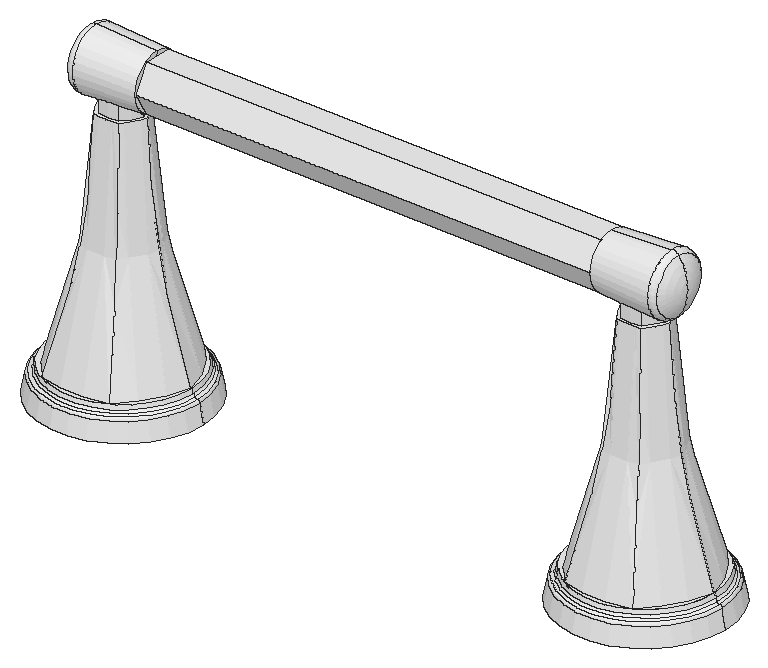
Revit family "Tissue_Holder-DXV-Fitzgerald-D35160230_Series", category Specialty Equipment, host Face, Revit 2014
Parameters (values of type "D35160230.100")
  Width = 6 1/2"  # constant formula
  Warranty Information = "Lifetime Limited Warranty"
  URL = "http://www.dxv.com/"
  Type Comments = ""
  Product Page URL = "https://www.dxv.com/product/fitzgerald-toilet-paper-holder-"
  Product Documentation Link = "https://dxv01.blob.core.windows.net/dxv-product-pdf-files/spec_D35160230_DXV_Fitzgerald_tissueholder_EN.pdf"
  Price = "Prices may vary. Please consult Manufacturer Representative for most up-to-date price list."  # constant formula
  Model = "D35160230.100"
  Material = "Metal-DXV-100-Polished Chrome"
  Finish = Metal-DXV-100-Polished Chrome
  Manufacturer = "DVX"
  Length = 4"  # constant formula
  Installation Type = "Wall Mounted"
  Height = 2"  # constant formula
  Description = "Fitzgerald Toilet Paper Holder"  # constant formula
  Default Elevation = 18"
  Creation Date = "10/25/2018"  # constant formula
  Assembly Code = "C1030220"
Types (4): name | Model | Material | Finish
  (no name) | "D35160230.100" | "Metal-DXV-100-Polished Chrome" | Metal-DXV-100-Polished Chrome
  D35160230.144 | "D35160230.144" | "Metal-DXV-144-Brushed Nickel" | Metal-DXV-144-Brushed Nickel
  D35160230.100 | "D35160230.100" | "Metal-DXV-100-Polished Chrome" | Metal-DXV-100-Polished Chrome
  D35160230.150 | "D35160230.150" | "Metal-DXV-150-Platinum Nickel" | Metal-DXV-150-Platinum Nickel
Reference planes (in)
  plane 1 "Center (Front/Back)": y = 0
  plane 2: z = 0
  plane 3 "Center (Left/Right)": x = 0
  plane 4: y = -1
  plane 5: y = 1
  plane 6: z = 4
  plane 7: z = 3.625
  plane 8: x = -3.25
  plane 9: x = 3.25
  plane 10: x = 2.25
  plane 11: x = 4.25
  plane 12: x = -2.25
  plane 13: x = -4.25
Forms (in)
  Revolve 1, solid, material "Metal-DXV-100-Polished Chrome" <- "Finish"
    sketch origin (0, 0, 0) x (1, 0, 0) y (0, 0, 1)
      loop
        line (3.25, 0) -> (4.25, 0) -> (4.20301, 0.22105)
        arc (4.20301, 0.22105) -> (4.19389, 0.24154) -> (4.17723, 0.25654) r 0.05392
        line (4.17723, 0.25654) -> (4.14228, 0.27672)
        arc (4.14228, 0.27672) -> (4.12834, 0.28895) -> (4.12013, 0.30558) r 0.04754
        line (4.12013, 0.30558) -> (4.10658, 0.35617) -> (3.25, 0.35617) -> (3.25, 0)
      axis (3.25, 0.35617) -> (3.25, 0)
    angle from 0 to 360
  Revolve 2, solid, material "Metal-DXV-100-Polished Chrome" <- "Finish"
    sketch origin (0, 0, 0) x (-1, 0, 0) y (0, 0, 1)
      loop
        line (3.25, 0) -> (4.25, 0) -> (4.20301, 0.22105)
        arc (4.20301, 0.22105) -> (4.19389, 0.24154) -> (4.17723, 0.25654) r 0.05392
        line (4.17723, 0.25654) -> (4.14228, 0.27672)
        arc (4.14228, 0.27672) -> (4.12834, 0.28895) -> (4.12013, 0.30558) r 0.04754
        line (4.12013, 0.30558) -> (4.10658, 0.35617) -> (3.25, 0.35617) -> (3.25, 0)
      axis (3.25, 0.35617) -> (3.25, 0)
    angle from 0 to 360
  Sweep 3, solid, material "Metal-DXV-100-Polished Chrome" <- "Finish"
    path origin (0, 0, 0) x (-1, 0, 0) y (0, 1, 0)
      loop
        arc (-4.09664, 0) -> (-3.94098, -0.39894) -> (-3.67332, -0.73322) r 1.41797
        arc (-3.67332, -0.73322) -> (-3.25, -0.79788) -> (-2.82668, -0.73322) r 1.41797
        arc (-2.82668, -0.73322) -> (-2.55902, -0.39894) -> (-2.40336, 0) r 1.41797
        arc (-2.40336, 0) -> (-2.55902, 0.39894) -> (-2.82668, 0.73322) r 1.41797
        arc (-2.82668, 0.73322) -> (-3.25, 0.79788) -> (-3.67332, 0.73322) r 1.41797
        arc (-3.67332, 0.73322) -> (-3.94099, 0.39894) -> (-4.09664, 0) r 1.41782
    profile origin (3.25, 0.79788, 0) x (0, -1, 0) y (0, 0, 1)
      loop
        arc (0.52248, 3.17377) -> (0.38127, 1.74271) -> (0, 0.35617) r 8.46977
        line (0, 0.35617) -> (0.36793, 0.35617) -> (0.67386, 1.79542) -> (0.67386, 3.625) -> (0.56859, 3.625) -> (0.56859, 3.17377) -> (0.52248, 3.17377)
  Revolve 4, solid, material "Metal-DXV-100-Polished Chrome" <- "Finish"
    sketch origin (0, 0, 0) x (1, 0, 0) y (0, 0, 1)
      loop
        line (2.82991, 3.625) -> (3.77535, 3.625)
        arc (3.77535, 3.625) -> (3.74684, 3.80306) -> (3.66416, 3.96332) r 0.57028
        arc (3.66416, 3.96332) -> (3.62743, 3.99355) -> (3.58076, 4.00275) r 0.09727
        line (3.58076, 4.00275) -> (2.82991, 3.9634) -> (2.82991, 3.625)
      loop
        line (-2.82991, 3.625) -> (-2.82991, 3.9634) -> (-3.58076, 4.00275)
        arc (-3.58076, 4.00275) -> (-3.62743, 3.99355) -> (-3.66416, 3.96332) r 0.09727
        arc (-3.66416, 3.96332) -> (-3.74684, 3.80306) -> (-3.77535, 3.625) r 0.57028
        line (-3.77535, 3.625) -> (-2.82991, 3.625)
      axis (3.77535, 3.625) -> (-3.77535, 3.625)
    angle from 0 to 360
  Sweep 5, solid, material "Metal-DXV-100-Polished Chrome" <- "Finish"
    path origin (0, 0, 0) x (1, 0, 0) y (0, 1, 0)
      loop
        arc (-4.09664, 0) -> (-3.94098, -0.39894) -> (-3.67332, -0.73322) r 1.41797
        arc (-3.67332, -0.73322) -> (-3.25, -0.79788) -> (-2.82668, -0.73322) r 1.41797
        arc (-2.82668, -0.73322) -> (-2.55902, -0.39894) -> (-2.40336, 0) r 1.41797
        arc (-2.40336, 0) -> (-2.55902, 0.39894) -> (-2.82668, 0.73322) r 1.41797
        arc (-2.82668, 0.73322) -> (-3.25, 0.79788) -> (-3.67332, 0.73322) r 1.41797
        arc (-3.67332, 0.73322) -> (-3.94099, 0.39894) -> (-4.09664, 0) r 1.41782
    profile origin (-3.25, 0.79788, 0) x (0, 1, 0) y (0, 0, 1)
      loop
        line (-0.52248, 3.17377) -> (-0.56859, 3.17377) -> (-0.56859, 3.625) -> (-0.67386, 3.625) -> (-0.67386, 1.79542) -> (-0.36793, 0.35617) -> (0, 0.35617)
        arc (0, 0.35617) -> (-0.38127, 1.74271) -> (-0.52248, 3.17377) r 8.46977
  Extrusion 6, solid, material "Metal-DXV-100-Polished Chrome" <- "Finish"
    sketch origin (0, 0, 0) x (0, 1, 0) y (0, 0, 1)
      loop
        line (0.33599, 3.625) -> (0.16799, 3.91597) -> (-0.16799, 3.91597) -> (-0.33599, 3.625) -> (-0.16799, 3.33403) -> (0.16799, 3.33403) -> (0.33599, 3.625)
    from -2.82991 to 2.82991
Cuts and joins
  joined: Revolve 1, Revolve 2, Sweep 3, Revolve 4, Sweep 5
Lines and regions (in)
  Masking region 1
    outline origin (0, 0, 0) x (1, 0, 0) y (0, 0, 1)
      loop
        line (2.25, 0) -> (4.25, 0) -> (4.2039, 0.21687)
        arc (4.2039, 0.21687) -> (4.1935, 0.24023) -> (4.17451, 0.25733) r 0.06148
        line (4.17451, 0.25733) -> (4.13893, 0.27787) -> (4.13023, 0.35617) -> (4.09664, 0.35617)
        arc (4.09664, 0.35617) -> (3.70692, 1.74222) -> (3.55309, 3.17377) r 8.62888
        line (3.55309, 3.17377) -> (3.50376, 3.17377) -> (3.50376, 3.25448) -> (3.57917, 3.24655)
        arc (3.57917, 3.24655) -> (3.62791, 3.25436) -> (3.66611, 3.28562) r 0.09475
        arc (3.66611, 3.28562) -> (3.77497, 3.61288) -> (3.67981, 3.94438) r 0.58293
        arc (3.67981, 3.94438) -> (3.62775, 3.98977) -> (3.55967, 4.0014) r 0.12766
        line (3.55967, 4.0014) -> (2.82991, 3.9634) -> (2.82991, 3.91597) -> (-2.82991, 3.91597) -> (-2.82991, 3.9634) -> (-3.55967, 4.0014)
        arc (-3.55967, 4.0014) -> (-3.62775, 3.98977) -> (-3.67981, 3.94438) r 0.12766
        arc (-3.67981, 3.94438) -> (-3.77497, 3.61288) -> (-3.66611, 3.28562) r 0.58293
        arc (-3.66611, 3.28562) -> (-3.62791, 3.25436) -> (-3.57917, 3.24655) r 0.09475
        line (-3.57917, 3.24655) -> (-3.50376, 3.25448) -> (-3.50376, 3.17377) -> (-3.55309, 3.17377)
        arc (-3.55309, 3.17377) -> (-3.70692, 1.74222) -> (-4.09664, 0.35617) r 8.62888
        line (-4.09664, 0.35617) -> (-4.13023, 0.35617) -> (-4.13893, 0.27787) -> (-4.17451, 0.25733)
        arc (-4.17451, 0.25733) -> (-4.1935, 0.24023) -> (-4.2039, 0.21687) r 0.06148
        line (-4.2039, 0.21687) -> (-4.25, 0) -> (-2.25, 0) -> (-2.2961, 0.21687)
        arc (-2.2961, 0.21687) -> (-2.3065, 0.24023) -> (-2.32549, 0.25733) r 0.06148
        line (-2.32549, 0.25733) -> (-2.36107, 0.27787) -> (-2.36977, 0.35617) -> (-2.40336, 0.35617)
        arc (-2.40336, 0.35617) -> (-2.79308, 1.74222) -> (-2.94691, 3.17377) r 8.62888
        line (-2.94691, 3.17377) -> (-2.99624, 3.17377) -> (-2.99624, 3.27779) -> (-2.82991, 3.2866) -> (-2.82991, 3.33403) -> (2.82991, 3.33403) -> (2.82991, 3.2866) -> (2.99624, 3.27779) -> (2.99624, 3.17377) -> (2.94691, 3.17377)
        arc (2.94691, 3.17377) -> (2.79308, 1.74222) -> (2.40336, 0.35617) r 8.62888
        line (2.40336, 0.35617) -> (2.36977, 0.35617) -> (2.36107, 0.27787) -> (2.32549, 0.25733)
        arc (2.32549, 0.25733) -> (2.3065, 0.24023) -> (2.2961, 0.21687) r 0.06148
        line (2.2961, 0.21687) -> (2.25, 0)
  symbolic lines, detail levels medium+fine
    curve 1: line (4.09664, 0, 0.35617) -> (2.40336, 0, 0.35617)
    curve 2: line (3.50376, 0, 3.25448) -> (2.99624, 0, 3.27779)
    curve 4: line (-4.09664, 0, 0.35617) -> (-2.40336, 0, 0.35617)
    curve 5: line (-3.50376, 0, 3.25448) -> (-2.99624, 0, 3.27779)
  symbolic lines, detail levels fine
    curve 3: line (2.82991, 0, 3.33403) -> (2.82991, 0, 3.91597)
    curve 6: line (-2.82991, 0, 3.33403) -> (-2.82991, 0, 3.91597)
    curve 7: line (3.50376, 0, 3.17377) -> (2.99624, 0, 3.17377)
    curve 8: line (2.82991, 0, 3.625) -> (-2.82991, 0, 3.625)
    curve 9: arc (3.40155, 0, 3.17377) -> (3.435, 0, 1.75509) -> (3.67332, 0, 0.35617) r 9.78385
    curve 10: arc (3.09845, 0, 3.17377) -> (3.065, 0, 1.75509) -> (2.82668, 0, 0.35617) r 9.78385
    curve 11: arc (-3.40155, 0, 3.17377) -> (-3.435, 0, 1.75509) -> (-3.67332, 0, 0.35617) r 9.78385
    curve 12: arc (-3.09845, 0, 3.17377) -> (-3.065, 0, 1.75509) -> (-2.82668, 0, 0.35617) r 9.78385
    curve 13: line (-3.50376, 0, 3.17377) -> (-2.99624, 0, 3.17377)
Dimensions and locks (in)
  equal spacing: plane 5, plane 1 "Center (Front/Back)", plane 4
  plane 5 to plane 4 = 2"
  locked: plane 7 to level at 3.625
  plane 6 to level = 4"
  equal spacing: plane 9, plane 3 "Center (Left/Right)", plane 8
  "Width": plane 9 to plane 8
  equal spacing: plane 10, plane 9, plane 11
  "Height": plane 11 to plane 10
  equal spacing: plane 12, plane 8, plane 13
  "Height": plane 12 to plane 13
  aligned and locked: plane 2 to host face
  aligned and locked: level to host face
  aligned and locked: cut or joined group of Revolve 1, Revolve 2, Sweep 3, Revolve 4, Sweep 5 to Extrusion 6
  aligned and locked: Extrusion 6 to cut or joined group of Revolve 1, Revolve 2, Sweep 3, Revolve 4, Sweep 5
Automatic sketch dimensions
  host sketch curve to host sketch curve = 96"  (x2)
  curve 8 to plane 7 = 0"
  curve 11 to plane 7 = 0.93058"
  plane 13 to curve 11 = 8.92365"
  curve 10 to plane 7 = 0.93058"
  plane 13 to curve 10 = 2.42365"
  curve 12 to plane 7 = 0.93058"
  plane 11 to curve 12 = 2.42365"
  curve 9 to plane 7 = 0.93058"
  curve 12 to curve 9 = 6 1/2"
  curve 4 to plane 13 = 0.15336"
  plane 8 to curve 11 = 0.42332"
  plane 8 to curve 5 = 0.25376"
  curve 5 to curve 13 = 0"  (x2)
  curve 13 to curve 11 = 0.10221"
  curve 12 to plane 8 = 0.15155"
  curve 12 to curve 13 = 0.10221"
  curve 5 to curve 6 = 0.16633"
  curve 4 to plane 12 = 0.15336"
  curve 1 to plane 10 = 0.15336"
  curve 10 to plane 9 = 0.42332"
  curve 3 to plane 9 = 0.42009"
  curve 3 to curve 2 = 0.16633"
  curve 2 to curve 7 = 0"  (x2)
  curve 7 to curve 10 = 0.10221"
  plane 9 to curve 9 = 0.15155"
  curve 9 to curve 7 = 0.10221"
  curve 1 to plane 11 = 0.15336"
  level to curve 4 = 0.35617"
  level to curve 10 = 0.35617"
  curve 7 to curve 2 = 0.08071"
  curve 13 to curve 5 = 0.08071"
  curve 13 to curve 5 = 0.10402"
  curve 7 to curve 2 = 0.10402"
  curve 2 to curve 3 = 0.05624"
  curve 5 to curve 6 = 0.05624"
  curve 3 to plane 6 = 0.08403"
  curve 6 to plane 6 = 0.08403"
  Revolve 1 sketch curve to level = 0"
  Revolve 1 sketch curve to plane 9 = 0"  (x2)
  Revolve 1 sketch curve to plane 11 = 0"
  Revolve 1 sketch curve to plane 11 = 0.14342"
  Revolve 1 sketch curve to Revolve 1 sketch curve = 0.01355"
  Revolve 1 sketch curve to Revolve 1 sketch curve = 0.02215"
  Revolve 1 sketch curve to Revolve 1 sketch curve = 0.00799"
  Revolve 1 sketch curve to Revolve 1 sketch curve = 0.02377"
  Revolve 1 sketch curve to Revolve 1 sketch curve = 0.03495"
  Revolve 1 sketch curve to Revolve 1 sketch curve = 0.02578"
  level to Revolve 1 sketch curve = 0.20984"
  Revolve 1 sketch curve to Revolve 1 sketch curve = 0.01121"
  Revolve 1 sketch curve to Revolve 1 sketch curve = 0.02018"
  Revolve 1 sketch curve to Revolve 1 sketch curve = 0.02887"
  Revolve 1 sketch curve to Revolve 1 sketch curve = 0.05059"
  Revolve 1 sketch curve to Revolve 1 sketch curve = 1.36171"
  Revolve 1 sketch curve to Revolve 1 sketch curve = 0.20133"
  Revolve 2 sketch curve to level = 0"
  plane 8 to Revolve 2 sketch curve = 0"  (x2)
  plane 13 to Revolve 2 sketch curve = 0"
  plane 13 to Revolve 2 sketch curve = 0.14342"
  Revolve 2 sketch curve to Revolve 2 sketch curve = 0.01355"
  Revolve 2 sketch curve to Revolve 2 sketch curve = 0.02215"
  Revolve 2 sketch curve to Revolve 2 sketch curve = 0.00799"
  Revolve 2 sketch curve to Revolve 2 sketch curve = 0.02377"
  Revolve 2 sketch curve to Revolve 2 sketch curve = 0.03495"
  Revolve 2 sketch curve to Revolve 2 sketch curve = 0.02578"
  Revolve 2 sketch curve to level = 0.20984"
  Revolve 2 sketch curve to Revolve 2 sketch curve = 0.01121"
  Revolve 2 sketch curve to Revolve 2 sketch curve = 0.02018"
  Revolve 2 sketch curve to Revolve 2 sketch curve = 0.02887"
  Revolve 2 sketch curve to Revolve 2 sketch curve = 0.05059"
  Revolve 2 sketch curve to Revolve 2 sketch curve = 1.36171"
  Revolve 2 sketch curve to Revolve 2 sketch curve = 0.20133"
  plane 1 "Center (Front/Back)" to Sweep 3 sketch curve = 0"  (x2)
  Sweep 3 sketch curve to plane 9 = 0"  (x2)
  plane 11 to Sweep 3 sketch curve = 0.46299"  (x2)
  plane 10 to Sweep 3 sketch curve = 0.46312"
  plane 10 to Sweep 3 sketch curve = 0.46299"
  Sweep 3 sketch curve to plane 1 "Center (Front/Back)" = 0.30997"
  Sweep 3 sketch curve to plane 1 "Center (Front/Back)" = 0.31004"
  plane 4 to Sweep 3 sketch curve = 0.37991"
  plane 1 "Center (Front/Back)" to Sweep 3 sketch curve = 0.31004"  (x2)
  plane 5 to Sweep 3 sketch curve = 0.37991"
  Sweep 3 sketch curve to plane 9 = 0.42332"  (x2)
  plane 11 to Sweep 3 sketch curve = 0.15336"
  plane 4 to Sweep 3 sketch curve = 0.26678"
  Sweep 3 sketch curve to profile plane = 0"
  level to Sweep 3 sketch curve = 3.28697"
  profile plane to Sweep 3 sketch curve = 7.94654"
  Sweep 3 sketch curve to Sweep 3 sketch curve = 0.36793"
  Sweep 3 sketch curve to profile plane = 0.52248"
  Sweep 3 sketch curve to Sweep 3 sketch curve = 0.04611"
  Sweep 3 sketch curve to Sweep 3 sketch curve = 0.10527"
  level to Sweep 3 sketch curve = 3.17377"
  Sweep 3 sketch curve to Sweep 3 sketch curve = 1.37834"
  Sweep 3 sketch curve to Sweep 3 sketch curve = 0.45123"
  Revolve 4 sketch curve to plane 7 = 0"  (x3)
  Revolve 4 sketch curve to plane 13 = 0.47465"
  Revolve 4 sketch curve to plane 6 = 0.09439"  (x2)
  plane 8 to Revolve 4 sketch curve = 0.33585"
  plane 6 to Revolve 4 sketch curve = 0.00275"  (x2)
  Revolve 4 sketch curve to Revolve 4 sketch curve = 0.00509"  (x2)
  Revolve 4 sketch curve to plane 8 = 0.04492"
  Revolve 4 sketch curve to plane 6 = 0.0366"  (x2)
  Revolve 4 sketch curve to plane 8 = 0.42009"
  Revolve 4 sketch curve to plane 9 = 0.42009"
  Revolve 4 sketch curve to plane 9 = 0.04492"
  plane 9 to Revolve 4 sketch curve = 0.33076"
  Revolve 4 sketch curve to Revolve 4 sketch curve = 0.1895"
  plane 3 "Center (Left/Right)" to Revolve 4 sketch curve = 0.32991"
  Revolve 4 sketch curve to Revolve 4 sketch curve = 3/4"
  plane 1 "Center (Front/Back)" to Sweep 5 sketch curve = 0"  (x2)
  Sweep 5 sketch curve to plane 8 = 0"  (x2)
  Sweep 5 sketch curve to plane 13 = 0.46299"  (x2)
  Sweep 5 sketch curve to plane 12 = 0.46312"
  Sweep 5 sketch curve to plane 12 = 0.46299"
  plane 1 "Center (Front/Back)" to Sweep 5 sketch curve = 0.30997"
  plane 1 "Center (Front/Back)" to Sweep 5 sketch curve = 0.31004"
  Sweep 5 sketch curve to plane 4 = 0.37991"
  Sweep 5 sketch curve to plane 1 "Center (Front/Back)" = 0.31004"  (x2)
  Sweep 5 sketch curve to plane 5 = 0.37991"
  plane 8 to Sweep 5 sketch curve = 0.42332"  (x2)
  Sweep 5 sketch curve to plane 13 = 0.15336"
  Sweep 5 sketch curve to plane 4 = 0.26678"
  Sweep 5 sketch curve to profile plane = 0"
  profile plane to Sweep 5 sketch curve = 0.36793"
  profile plane to Sweep 5 sketch curve = 0.52248"
  Sweep 5 sketch curve to Sweep 5 sketch curve = 0.04611"
  profile plane to Sweep 5 sketch curve = 0.67386"
  level to Sweep 5 sketch curve = 3.28697"
  Sweep 5 sketch curve to profile plane = 7.94654"
  level to Sweep 5 sketch curve = 3.17377"
  Sweep 5 sketch curve to Sweep 5 sketch curve = 1.37834"
  Sweep 5 sketch curve to Sweep 5 sketch curve = 0.45123"
  Masking region 1 sketch curve to level = 0"  (x2)
  plane 13 to Masking region 1 sketch curve = 0"
  Masking region 1 sketch curve to plane 7 = 0"  (x2)
  Masking region 1 sketch curve to plane 12 = 0"
  plane 10 to Masking region 1 sketch curve = 0"
  Masking region 1 sketch curve to plane 11 = 0"
  Masking region 1 sketch curve to plane 7 = 0.2483"  (x4)
  plane 13 to Masking region 1 sketch curve = 1.42959"
  Masking region 1 sketch curve to Masking region 1 sketch curve = 6 1/2"  (x2)
  Masking region 1 sketch curve to plane 13 = 0.0461"
  Masking region 1 sketch curve to Masking region 1 sketch curve = 0.0294"  (x2)
  Masking region 1 sketch curve to Masking region 1 sketch curve = 0.03074"  (x2)
  Masking region 1 sketch curve to Masking region 1 sketch curve = 0.03558"  (x4)
  Masking region 1 sketch curve to Masking region 1 sketch curve = 0.0087"  (x4)
  Masking region 1 sketch curve to Masking region 1 sketch curve = 0.03359"  (x4)
  plane 8 to Masking region 1 sketch curve = 0.33907"
  Masking region 1 sketch curve to Masking region 1 sketch curve = 0.0099"  (x2)
  Masking region 1 sketch curve to plane 6 = 0.12556"  (x2)
  plane 8 to Masking region 1 sketch curve = 0.32301"
  plane 6 to Masking region 1 sketch curve = 0.0014"  (x2)
  Masking region 1 sketch curve to Masking region 1 sketch curve = 0.01334"  (x2)
  Masking region 1 sketch curve to Masking region 1 sketch curve = 0.02607"
  Masking region 1 sketch curve to Masking region 1 sketch curve = 0.04933"  (x2)
  Masking region 1 sketch curve to plane 8 = 0.05784"
  Masking region 1 sketch curve to plane 8 = 0.25376"
  Masking region 1 sketch curve to Masking region 1 sketch curve = 0.04934"  (x2)
  Masking region 1 sketch curve to plane 6 = 0.0366"  (x2)
  Masking region 1 sketch curve to plane 8 = 0.42009"
  Masking region 1 sketch curve to Masking region 1 sketch curve = 0.16633"
  Masking region 1 sketch curve to plane 12 = 0.15336"
  Masking region 1 sketch curve to Masking region 1 sketch curve = 0.00484"  (x2)
  Masking region 1 sketch curve to plane 12 = 0.0461"
  Masking region 1 sketch curve to plane 10 = 0.0461"
  Masking region 1 sketch curve to plane 9 = 0.42009"  (x2)
  Masking region 1 sketch curve to Masking region 1 sketch curve = 0.117"
  Masking region 1 sketch curve to plane 9 = 0.05784"
  plane 9 to Masking region 1 sketch curve = 0.25376"
  plane 9 to Masking region 1 sketch curve = 0.30967"
  Masking region 1 sketch curve to Masking region 1 sketch curve = 0.07541"
  Masking region 1 sketch curve to plane 11 = 0.15336"
  Masking region 1 sketch curve to plane 11 = 0.0461"
  plane 11 to Masking region 1 sketch curve = 1.42959"
  level to Masking region 1 sketch curve = 0.20409"  (x4)
  Masking region 1 sketch curve to Masking region 1 sketch curve = 0.01278"  (x4)
  Masking region 1 sketch curve to Masking region 1 sketch curve = 0.02054"  (x4)
  Masking region 1 sketch curve to Masking region 1 sketch curve = 0.0783"  (x4)
  Masking region 1 sketch curve to Masking region 1 sketch curve = 0.07278"  (x2)
  Masking region 1 sketch curve to Masking region 1 sketch curve = 0.00793"  (x2)
  Masking region 1 sketch curve to Masking region 1 sketch curve = 0.10402"  (x2)
  Masking region 1 sketch curve to Masking region 1 sketch curve = 0.11283"  (x2)
  Masking region 1 sketch curve to Masking region 1 sketch curve = 0.04743"  (x2)
  Masking region 1 sketch curve to Masking region 1 sketch curve = 0.09424"  (x2)
  Masking region 1 sketch curve to Masking region 1 sketch curve = 0"  (x2)
